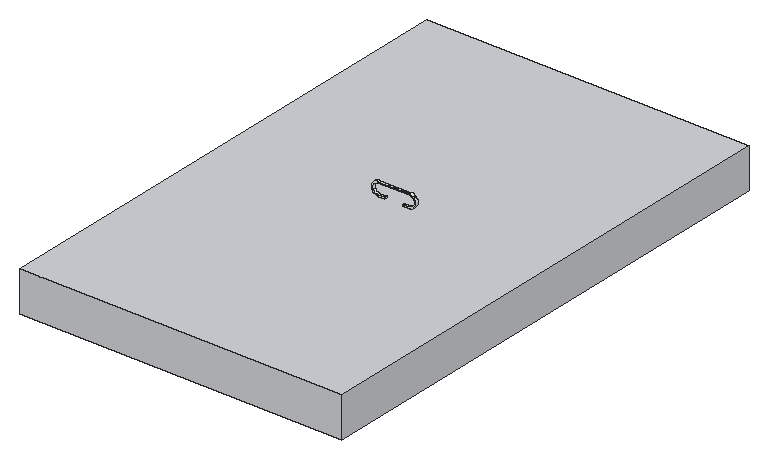
Revit family "Grab_Bar-GROHE-Starlight-41064_Series", category Plumbing Fixtures, host Face, Revit 2016
Family settings
  Host = Face
  Part Type = Normal
  Round Connector Dimension = Use Diameter
  OmniClass Number = 23.40.20.21.27
  OmniClass Title = Towel Bars
  Cut with Voids When Loaded = No
  Shared = Yes
  Room Calculation Point = No
Parameters (values of type "41064000")
  Width = 4"  # constant formula
  Waste Connection = no
  Warranty Documentation Link = "https://cdn.cloud.grohe.com/tpi/1000/1900/1940/1949/1949006/original/1949006.pdf"
  WFU = 0  # constant formula
  Vent Connection = no
  URL = "https://www.grohe.us/"
  Type Comments = ""
  Product Page URL = ""
  Price = "Prices may vary. Please consult Manufacturer Representative for most up-to-date price list."  # constant formula
  Model = "41064000"
  Material = "Metal-Grohe-000-Starlight Chrome"
  Manufacturer = "Grohe"
  Length = 13 1/4"  # constant formula
  Installation Type = "Wall Mounted"
  Height = 1 5/16"  # constant formula
  HWFU = 0  # constant formula
  HW Connection = no
  Flow Rate = ""  # constant formula
  Finish = Metal-Grohe-000-Starlight Chrome
  Description = "12” Grab Bar"  # constant formula
  Default Elevation = 0"  # constant formula
  Creation Date = "08/18/2020"  # constant formula
  CWFU = 0  # constant formula
  CW Connection = no
  Assembly Code = "D2010710"
Types (5): name | Model | Material | Finish
  41064000 | "41064000" | "Metal-Grohe-000-Starlight Chrome" | Metal-Grohe-000-Starlight Chrome
  41064A00 | "41064A00" | "Metal-Grohe-A00-Hard Graphite" | Metal-Grohe-A00-Hard Graphite
  41064BE0 | "41064BE0" | "Metal-Grohe-BE0-Polished Nickel" | Metal-Grohe-BE0-Polished Nickel
  41064EN0 | "41064EN0" | "Metal-Grohe-EN0-Brushed Nickel" | Metal-Grohe-EN0-Brushed Nickel
  41064GN0 | "41064GN0" | "Metal-Grohe-GN0-Brushed Cool Sunrise" | Metal-Grohe-GN0-Brushed Cool Sunrise
Reference planes (in)
  plane 1 "Center (Front/Back)": y = 0
  plane 2: z = 0
  plane 3 "Center (Left/Right)": x = 0.29751
  plane 4: z = 0.70312
  plane 5: y = -1.3125
  plane 6: y = -0.65625
  plane 7: x = 6.92251
  plane 8: x = -6.32749
  plane 9: z = 0.38951
  plane 10: z = 0.09914
  plane 11: z = 4
  plane 12: x = -3.38999
  plane 13: x = 3.98501
  plane 14: x = 5.01626
  plane 15: x = 2.95376
  plane 16: x = -2.35874
  plane 17: x = -4.42124
  plane 18: z = 0.47414
Forms (in)
  Extrusion 1, solid
    sketch origin (0, 0, 0) x (1, 0, 0) y (0, 1, 0)
      loop
        line (-48, 72) -> (-48, -79.70833) -> (48, -79.70833) -> (48, 72) -> (-48, 72)
    from 0 to -12
  Extrusion 2, solid, material "Metal-Grohe-000-Starlight Chrome" <- "Finish"
    sketch origin (-10.30965, -1.3125, 48) x (-1, 0, 0) y (0, 0, 1)
      loop
        line (-5.93259, -44) -> (-15.28173, -44)
        arc (-15.28173, -44) -> (-17.23159, -45.90314) -> (-15.37629, -47.89857) r 1.95043
        arc (-15.37629, -47.89857) -> (-15.34052, -47.91493) -> (-15.32591, -47.95146) r 0.05295
        line (-15.32591, -47.95146) -> (-15.32591, -48) -> (-13.26341, -48) -> (-13.26341, -47.66498)
        arc (-13.26341, -47.66498) -> (-13.30416, -47.56661) -> (-13.40253, -47.52586) r 0.13912
        line (-13.40253, -47.52586) -> (-15.28173, -47.52586)
        arc (-15.28173, -47.52586) -> (-16.85716, -45.95043) -> (-15.28173, -44.375) r 1.57543
        line (-15.28173, -44.375) -> (-5.93259, -44.375)
        arc (-5.93259, -44.375) -> (-4.35716, -45.95043) -> (-5.93259, -47.52586) r 1.57543
        line (-5.93259, -47.52586) -> (-7.81179, -47.52586)
        arc (-7.81179, -47.52586) -> (-7.91016, -47.56661) -> (-7.95091, -47.66498) r 0.13912
        line (-7.95091, -47.66498) -> (-7.95091, -48) -> (-5.88841, -48) -> (-5.88841, -47.95146)
        arc (-5.88841, -47.95146) -> (-5.8738, -47.91493) -> (-5.83803, -47.89857) r 0.05295
        arc (-5.83803, -47.89857) -> (-3.98273, -45.90314) -> (-5.93259, -44) r 1.95043
    from 0.65625 to 1.3125
Lines and regions (in)
  Masking region 1
    outline origin (0, 0, 0) x (1, 0, 0) y (0, 1, 0)
      loop
        line (-6.32749, 0) -> (-6.32749, -0.65625) -> (6.92251, -0.65625) -> (6.92251, 0) -> (-6.32749, 0)
  Masking region 2
    outline origin (-10.30965, -1.3125, 48) x (-1, 0, 0) y (0, 0, 1)
      loop
        line (-5.93259, -44) -> (-15.28173, -44)
        arc (-15.28173, -44) -> (-17.23159, -45.90314) -> (-15.37629, -47.89857) r 1.95043
        arc (-15.37629, -47.89857) -> (-15.34052, -47.91493) -> (-15.32591, -47.95146) r 0.05295
        line (-15.32591, -47.95146) -> (-15.32591, -48) -> (-13.26341, -48) -> (-13.26341, -47.66498)
        arc (-13.26341, -47.66498) -> (-13.30416, -47.56661) -> (-13.40253, -47.52586) r 0.13912
        line (-13.40253, -47.52586) -> (-15.28173, -47.52586)
        arc (-15.28173, -47.52586) -> (-16.85716, -45.95043) -> (-15.28173, -44.375) r 1.57543
        line (-15.28173, -44.375) -> (-5.93259, -44.375)
        arc (-5.93259, -44.375) -> (-4.35716, -45.95043) -> (-5.93259, -47.52586) r 1.57543
        line (-5.93259, -47.52586) -> (-7.81179, -47.52586)
        arc (-7.81179, -47.52586) -> (-7.91016, -47.56661) -> (-7.95091, -47.66498) r 0.13912
        line (-7.95091, -47.66498) -> (-7.95091, -48) -> (-5.88841, -48) -> (-5.88841, -47.95146)
        arc (-5.88841, -47.95146) -> (-5.8738, -47.91493) -> (-5.83803, -47.89857) r 0.05295
        arc (-5.83803, -47.89857) -> (-3.98273, -45.90314) -> (-5.93259, -44) r 1.95043
  symbolic lines, detail levels fine
    curve 1: line (-0.6398, -0.65625, 0) -> (-1.9523, -0.65625, 0)
    curve 2: line (2.54694, -0.65625, 0) -> (1.23444, -0.65625, 0)
Dimensions and locks (in)
  plane 4 to level = 45/64"
  "Height": plane 5 to plane 1 "Center (Front/Back)"
  equal spacing: plane 1 "Center (Front/Back)", plane 6, plane 5
  equal spacing: plane 7, plane 3 "Center (Left/Right)", plane 8
  "Length": plane 7 to plane 8
  plane 11 to level = 4"
  locked: plane 13 to plane 12 at 7.375
  locked: plane 13 to plane 3 "Center (Left/Right)" at 3.6875
  locked: plane 14 to plane 15 at 2.0625
  locked: plane 14 to plane 13 at 1.03125
  locked: plane 16 to plane 17 at 2.0625
  plane 12 to plane 17 = 1 1/32"
  radius of Extrusion 2 sketch curve = 1.57543"  (x2)
  radius of Extrusion 2 sketch curve = 1.95043"  (x6)
  radius of Extrusion 2 sketch curve = 0.05295"  (x3)
  radius of Extrusion 2 sketch curve = 0.13912"  (x2)
  aligned and locked: Extrusion 1 to plane 2
  aligned and locked: Extrusion 1 to level
  aligned and locked: Extrusion 2 to plane 6
  aligned and locked: Extrusion 2 to plane 1 "Center (Front/Back)"
  aligned and locked: plane 11 to Extrusion 2 sketch curve
  aligned and locked: level to Extrusion 2 sketch curve  (x3)
  aligned and locked: plane 17 to Extrusion 2 sketch curve
  aligned and locked: Extrusion 2 sketch curve to plane 14
  aligned and locked: Extrusion 2 sketch curve to level
  aligned and locked: plane 1 "Center (Front/Back)" to Masking region 1 sketch curve
  aligned and locked: plane 8 to Masking region 1 sketch curve
  aligned and locked: Masking region 1 sketch curve to Extrusion 2
  aligned and locked: Masking region 1 sketch curve to plane 7
  aligned and locked: Masking region 2 sketch curve to Extrusion 2  (x12)
Automatic sketch dimensions
  Extrusion 1 sketch curve to Extrusion 1 sketch curve = 96"
  Extrusion 1 sketch curve to Extrusion 1 sketch curve = 151.70833"
  curve 1 to plane 6 = 0"
  curve 2 to plane 6 = 0"
  plane 3 "Center (Left/Right)" to curve 2 = 0.93693"
  curve 2 to curve 2 = 1 5/16"
  curve 1 to plane 3 "Center (Left/Right)" = 0.93731"
  curve 1 to curve 1 = 1 5/16"
  Extrusion 2 sketch curve to Extrusion 2 sketch curve = 0"  (x3)
  plane 15 to Extrusion 2 sketch curve = 0"
  Extrusion 2 sketch curve to plane 14 = 0.04418"
  Extrusion 2 sketch curve to plane 17 = 0.04418"
  level to Extrusion 2 sketch curve = 0.04854"  (x2)
  Extrusion 2 sketch curve to plane 16 = 0"
